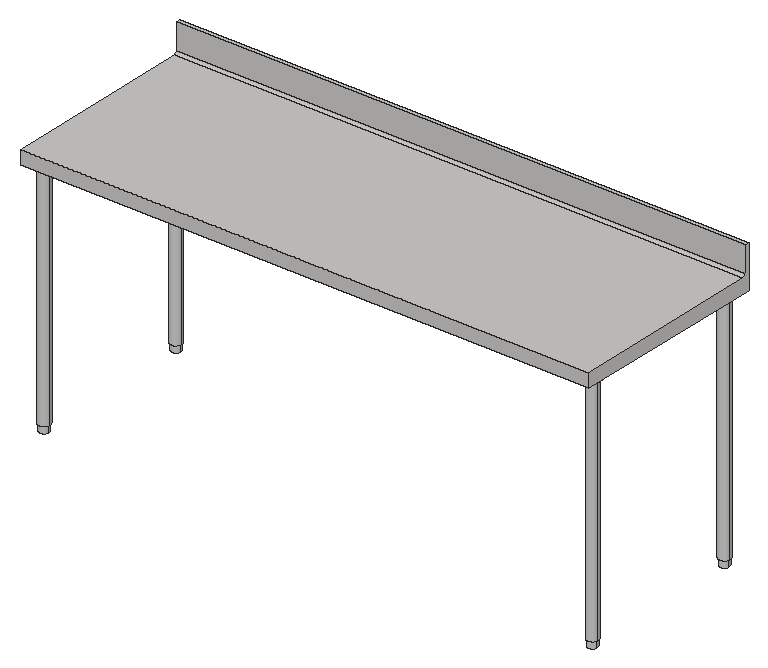
Revit family "QF_ELECTROLUXPROFESSIONAL_133059_TG2010EN", category Attrezzature speciali, Revit 2020
Family settings
  Quota connettore circolare = Usa diametro
  Tipo di parte = Normale
  Basato su piano di lavoro = No
  Sempre verticale = Sì
  Taglio con vuoti quando caricato = No
  Condiviso = No
  Punto di calcolo locali = No
Parameters (values of type "Standard")
  Weight = 58.00 kg
  Watts = 0 W
  Volts = 0 V
  URL Manufacturer = "https://www.electroluxprofessional.com/"
  URL = "https://www.electroluxprofessional.com/"
  Steam Supply Size = 0 mm
  Steam Supply Minimum Pressure = 0.0 Pa
  Steam Supply Maximum Pressure = 0.0 Pa
  Steam Consumption per Hour = 0
  Refrigeration Suction Line Size = 0.0 mm
  Refrigeration Liquid Line Size = 0.0 mm
  Refrigerant Compressor Remote = yes
  Prospetto di default = 0.0 mm
  Produttore = "Electrolux Professional"
  Phase = 0
  Modello = "TG2010EN"
  Length Actual = 2000.0 mm  # constant formula
  Item Number = "133059"
  Hot Water Size = 0 mm
  Height Actual = 900.0 mm  # constant formula
  HP = "0 HP"
  Gas Size = 0 mm
  Gas KW = 0
  Gas Input Pressure = 0 W
  Direct Waste Size = 0 mm
  Descrizione = "WORK TABLE WITH UPSTAND 2000 MM"
  Depth Actual = 700.0 mm  # constant formula
  Cycle = 0 Hz
  Condensate Return Size = 0 mm
  Compressed Air Volume = 0.0 L/s
  Compressed Air Size = 0 mm
  Compressed Air Pressure = 0.0 Pa
  Cold Water Size = 0 mm
  Accessory = yes
Reference planes
  plane 1 "Center (Front/Back)": y = 0
  plane 2: z = 0
  plane 3 "Center (Left/Right)": x = -500
  plane 4 "LEFT": x = -1500
  plane 5 "RIGHT": x = 500
  plane 6 "BACK": y = 350
  plane 7 "FRONT": y = -350
  plane 8 "Base": z = 850
  plane 9 "TOP": z = 900
  plane 10: x = -1464.5
  plane 11: x = 464.5
  plane 12: y = 290
  plane 13: y = -290
Forms (mm)
  Extrusion 1, solid, material "QF_Finishes_Stainless Steel"
    sketch origin (-500, 0, 0) x (0, 1, 0) y (0, 0, 1)
      loop
        line (-350, 850) -> (350, 850) -> (350, 1000) -> (337, 1000) -> (337, 910)
        arc (337, 910) -> (334.071, 902.929) -> (327, 900) r 10
        line (327, 900) -> (-350, 900) -> (-350, 850)
    from 1000 to -1000
Lines and regions (mm)
  symbolic lines
    curve 1: line (500, 350, 900) -> (-1500, 350, 900)
    curve 2: line (-1500, 350, 900) -> (-1500, -350, 900)
    curve 3: line (-1500, -350, 900) -> (500, -350, 900)
    curve 4: line (500, -350, 900) -> (500, 350, 900)
    curve 5: line (500, 337, 900) -> (-1500, 337, 900)
Dimensions and locks
  plane 4 "LEFT" to plane 5 "RIGHT" = 2000.0 mm
  equal spacing: plane 4 "LEFT", plane 3 "Center (Left/Right)", plane 5 "RIGHT"
  locked: plane 8 "Base" to level at 850
  plane 4 "LEFT" to plane 10 = 35.5 mm
  plane 11 to plane 5 "RIGHT" = 35.5 mm
  plane 10 to plane 11 = 1929.0 mm
  locked: Extrusion 1 to level at 1000
  plane 9 "TOP" to level = 900.0 mm
  plane 6 "BACK" to plane 12 = 60.0 mm
  plane 13 to plane 7 "FRONT" = 60.0 mm
  plane 6 "BACK" to plane 7 "FRONT" = 700.0 mm
  plane 12 to plane 13 = 580.0 mm
  equal spacing: plane 6 "BACK", plane 1 "Center (Front/Back)", plane 7 "FRONT"
  aligned and locked: level to plane 2
  aligned and locked: plane 10 to nested 1
  aligned and locked: nested 1 to plane 13
  aligned and locked: plane 11 to nested 2
  aligned and locked: nested 2 to plane 13
  aligned and locked: plane 11 to nested 4
  aligned and locked: nested 4 to plane 12
  aligned and locked: plane 10 to nested 3
  aligned and locked: nested 3 to plane 12
  aligned and locked: Extrusion 1 to plane 4 "LEFT"
  aligned and locked: plane 5 "RIGHT" to Extrusion 1
  aligned and locked: curve 2 to plane 4 "LEFT"
Automatic sketch dimensions
  Extrusion 1 sketch curve to plane 7 "FRONT" = 0.0 mm
  Extrusion 1 sketch curve to plane 9 "TOP" = 0.0 mm
  Extrusion 1 sketch curve to plane 6 "BACK" = 0.0 mm
  Extrusion 1 sketch curve to plane 8 "Base" = 0.0 mm
  plane 9 "TOP" to Extrusion 1 sketch curve = 10.0 mm
  Extrusion 1 sketch curve to plane 6 "BACK" = 13.0 mm
  Extrusion 1 sketch curve to Extrusion 1 sketch curve = 90.0 mm
  curve 3 to plane 7 "FRONT" = 0.0 mm
  curve 5 to plane 5 "RIGHT" = 0.0 mm
  curve 4 to plane 6 "BACK" = 0.0 mm
  curve 5 to plane 6 "BACK" = 13.0 mm
Nested families
  nested 1: "FEET_D40" at (-1464.5, -290, 0), type "FEET_D40"
  nested 2: "FEET_D40" at (464.5, -290, 0), type "FEET_D40"
  nested 3: "FEET_D40" at (-1464.5, 290, 0), type "FEET_D40"
  nested 4: "FEET_D40" at (464.5, 290, 0), type "FEET_D40"
Definition of nested family "FEET_D40"
  Parameters
    Default Elevation = 0.0 mm
    FEET = 850.0 mm
  Reference planes
    plane 1 "Center (Front/Back)": y = 0
    plane 2: z = 0
    plane 3 "Center (Left/Right)": x = 0
    plane 4: z = 850
  Forms (mm)
    Extrusion 1, solid
      sketch origin (0, 0, 0) x (1, 0, 0) y (0, 1, 0)
        loop
          circle (0, 0.002) r 20
      from 25 to 845
    Extrusion 2, solid
      sketch origin (0, 0, 0) x (1, 0, 0) y (0, 1, 0)
        loop
          circle (0, 0) r 16
      from 0 to 25
    Extrusion 3, solid
      sketch origin (0, 0, 0) x (1, 0, 0) y (0, 1, 0)
        loop
          circle (0, 0.002) r 30
      from 845 to 850
  Lines and regions (mm)
    symbolic lines
      curve 1: line (0, -1.503, 0) -> (0, 1.508, 0)
      curve 2: line (1.561, 0, 0) -> (-1.439, 0, 0)
  Dimensions and locks
    "FEET": plane 4 to plane 2
    aligned and locked: level to plane 2
  Automatic sketch dimensions
    plane 1 "Center (Front/Back)" to Extrusion 2 sketch curve = 0.0 mm
    Extrusion 2 sketch curve to plane 3 "Center (Left/Right)" = 0.0 mm
    plane 1 "Center (Front/Back)" to curve 2 = 0.0 mm
    curve 1 to plane 3 "Center (Left/Right)" = 0.0 mm
    curve 2 to plane 3 "Center (Left/Right)" = 1.439 mm
    plane 3 "Center (Left/Right)" to curve 2 = 1.561 mm
    plane 1 "Center (Front/Back)" to curve 1 = 1.503 mm
    curve 1 to plane 1 "Center (Front/Back)" = 1.508 mm
    Extrusion 1 sketch curve to plane 3 "Center (Left/Right)" = 0.0 mm
    Extrusion 1 sketch curve to plane 1 "Center (Front/Back)" = 0.002 mm
    Extrusion 3 sketch curve to plane 3 "Center (Left/Right)" = 0.0 mm
    Extrusion 3 sketch curve to plane 1 "Center (Front/Back)" = 0.002 mm
    radius of Extrusion 2 sketch curve = 16.0 mm
    radius of Extrusion 1 sketch curve = 20.0 mm
    radius of Extrusion 3 sketch curve = 30.0 mm
